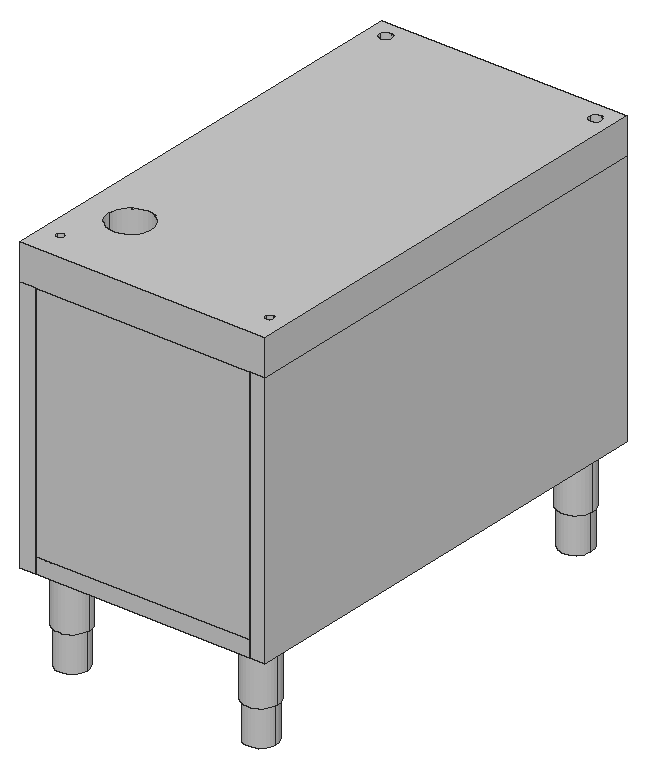
Revit family "QF_ADVENTYS_CUPBOARD_250902095444", category Specialty Equipment, Revit 2021
Family settings
  Round Connector Dimension = Use Diameter
  Part Type = Normal
  OmniClass Number = 23.40.40.14
  OmniClass Title = Food Service Equipment
  Work Plane-Based = No
  Always vertical = Yes
  Cut with Voids When Loaded = No
  Shared = No
  Room Calculation Point = No
Parameters (values of type "ADV1685")
  Weight in Pounds [instance] = 0
  Weight = 0.00 kg
  Warranty Start Date [instance] = ""
  Warranty Duration [instance] = ""
  URL Recommended Spares List = ""
  URL Manufacturer = ""
  URL Cutsheet = ""
  URL Critical Spares List = ""
  URL = "www.adventys.com"
  Tag Number [instance] = ""
  Status [instance] = ""
  Specification by User [instance] = ""
  Specification by Manufacturer [instance] = ""
  Sound Level [instance] = ""
  Solid Fuel Type [instance] = ""
  Service Life Duration [instance] = ""
  Serial Number [instance] = ""
  Seismic Rating [instance] = ""
  SMACNA No [instance] = ""
  Revision Code [instance] = ""
  Revision [instance] = ""
  Production Year [instance] = ""
  Point Load [instance] = 0
  Other Equipment Approvals [instance] = ""
  NAFEM Spec ID Number [instance] = ""
  Model Warning [instance] = ""
  Model = "CUPBOARD"
  Masterspec [instance] = ""
  Manufacturer = "ADVENTYS"
  Length Actual = 400 mm
  Item Number [instance] = ""
  Installed By [instance] = ""
  Installation Date [instance] = ""
  Identify Quantity as Lot [instance] = no
  ID [instance] = ""
  Hygiene Approval [instance] = ""
  Hot Water Consumption = 0.0 L/s
  Height Actual = 624 mm
  Furnished By [instance] = ""
  Foodservice Equipment Identifier [instance] = no
  ETL Approved [instance] = no
  Description = "CUPBOARD 400"
  Depth Actual = 740 mm
  Default Elevation = 0 mm
  Cost = 760
  CSI MasterFormat [instance] = ""
  CE Approved [instance] = no
  Barcode [instance] = 0
  Author [instance] = ""
  Asset Identifier [instance] = ""
  Accessory = no
Reference planes
  plane 1 "Center (Front/Back)": y = 0
  plane 2: z = 0
  plane 3 "Center (Left/Right)": x = 0
Dimensions and locks
  aligned and locked: level to plane 2
Nested families
  nested 1: "QF_ADVENTYS_ADV1685_2916" at (0, 0, 0), type "ADV1685"
    with Status "", Show Logo yes, Show Clearance yes
Definition of nested family "QF_ADVENTYS_ADV1685_2916"
  Parameters (values of type "ADV1685")
    URL = "www.adventys.com"
    Status [instance] = ""
    Show Logo [instance] = yes
    Show Clearance [instance] = yes
    Model = "CUPBOARD"
    Manufacturer = "ADVENTYS"
    Description = "CUPBOARD 400"
    Default Elevation = 0 mm
    Author = "SPECIFI"
    Assembly Code = "E1090320"
  Reference planes
    plane 1 "Back": y = 0
    plane 2: z = 0
    plane 3 "Left": x = 0
    plane 4 "Right": x = 400
    plane 5 "Front": y = -740
    plane 6 "Top": z = 624.2
  Forms (mm)
    Extrusion 1, solid
      sketch origin (-30.183, -865, 964.436) x (1, 0, 0) y (0, 1, 0)
        loop
          line (55.183, 865) -> (30.183, 865) -> (30.183, 125) -> (55.183, 125) -> (55.183, 865)
      from -817.236 to -398.736
    Extrusion 2, solid
      sketch origin (-30.183, -865, 988.113) x (1, 0, 0) y (0, 1, 0)
        loop
          line (430.183, 865) -> (30.183, 865) -> (30.183, 125) -> (430.183, 125) -> (430.183, 865)
        loop
          circle (107.067, 254.615) r 35
        loop
          circle (60.116, 835.094) r 10
        loop
          circle (403.496, 835.094) r 10
        loop
          circle (402.743, 169.844) r 6.435
        loop
          circle (60.415, 169.844) r 6.435
      from -422.413 to -363.913
    Extrusion 3, solid
      sketch origin (430.183, -865, 964.436) x (-1, 0, 0) y (0, -1, 0)
        loop
          line (55.183, -865) -> (55.183, -125) -> (30.183, -125) -> (30.183, -865) -> (55.183, -865)
      from -817.236 to -398.736
    Extrusion 4, solid
      sketch origin (842.236, -865, 202.383) x (0, 0, -1) y (0, 1, 0)
        loop
          line (55.183, 865) -> (30.183, 865) -> (30.183, 125) -> (55.183, 125) -> (55.183, 865)
      from -817.236 to -467.236
    Extrusion 5, solid
      sketch origin (890, -55.183, 964.436) x (0, 1, 0) y (-1, 0, 0)
        loop
          line (55.183, 865) -> (-659.817, 865) -> (-659.817, 515) -> (55.183, 515) -> (55.183, 865)
      from -792.236 to -398.736
    Extrusion 6, solid
      sketch origin (890, -684.817, 964.436) x (0, -1, 0) y (1, 0, 0)
        loop
          line (55.183, -865) -> (55.183, -515) -> (30.183, -515) -> (30.183, -865) -> (55.183, -865)
      from -792.236 to -398.736
    Revolve 7, solid
      sketch origin (3.5, -692, 964.436) x (1, 0, 0) y (0, 0, 1)
        loop
          line (43.194, -817.236) -> (15.069, -817.236) -> (15.069, -904.436) -> (18.194, -904.436) -> (18.194, -964.436) -> (43.194, -964.436) -> (43.194, -817.236)
        axis (43.194, -817.236) -> (43.194, -964.436)
      angle from 0 to 360
    Revolve 8, solid
      sketch origin (312.306, -692, 964.436) x (1, 0, 0) y (0, 0, 1)
        loop
          line (43.194, -817.236) -> (15.069, -817.236) -> (15.069, -904.436) -> (18.194, -904.436) -> (18.194, -964.436) -> (43.194, -964.436) -> (43.194, -817.236)
        axis (43.194, -817.236) -> (43.194, -964.436)
      angle from 0 to 360
    Revolve 9, solid
      sketch origin (3.5, -48, 964.436) x (1, 0, 0) y (0, 0, -1)
        loop
          line (43.194, 817.236) -> (43.194, 964.436) -> (18.194, 964.436) -> (18.194, 904.436) -> (15.069, 904.436) -> (15.069, 817.236) -> (43.194, 817.236)
        axis (43.194, 817.236) -> (43.194, 964.436)
      angle from 0 to 360
    Revolve 10, solid
      sketch origin (312.306, -48, 964.436) x (1, 0, 0) y (0, 0, -1)
        loop
          line (43.194, 817.236) -> (43.194, 964.436) -> (18.194, 964.436) -> (18.194, 904.436) -> (15.069, 904.436) -> (15.069, 817.236) -> (43.194, 817.236)
        axis (43.194, 817.236) -> (43.194, 964.436)
      angle from 0 to 360
  Lines and regions (mm)
    symbolic lines
      curve 1: line (0, 0, 0) -> (400, 0, 0)
      curve 2: line (0, -740, 0) -> (0, 0, 0)
      curve 3: line (400, -740, 0) -> (0, -740, 0)
      curve 4: line (400, 0, 0) -> (400, -740, 0)
  Dimensions and locks
    plane 3 "Left" to plane 4 "Right" = 400 mm
    plane 6 "Top" to level = 624.2 mm  (x2)
    plane 5 "Front" to plane 1 "Back" = 740 mm
    aligned and locked: level to plane 2
